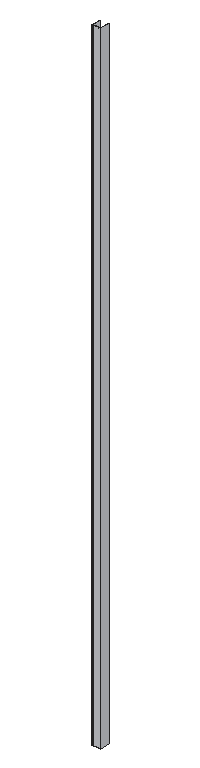
Revit family "Strut", category 柱, Revit 2018
Family settings
  OmniClass 编号 = 23.25.30.11.14.11
  OmniClass 标题 = Columns
  加载时剪切的空心 = 否
  将几何图形自动连接到墙 = 是
  共享 = 否
  在平面视图中显示族的预剪切 = 是
Parameters (values of type "1.5" x 1.5"")
  部件代码 = "B1010200"
  Depth = 2' - 0"
  Material = none
  Offset Base = 0' - 0"
  Offset Top = 0' - 0"
  Width = 2' - 0"
Reference planes (in)
  plane 1: y = 0
  plane 2: z = 0
  plane 3: x = 0
  plane 4: z = 108
  plane 5: z = 0
Forms (in)
  Extrusion 1, solid, material <- "Material"
    sketch origin (0, 0, 0) x (1, 0, 0) y (0, 1, 0)
      loop
        line (-0.75, -0.75) -> (0.75, -0.75) -> (0.75, 0.75) -> (0.6875, 0.75) -> (0.6875, -0.6875) -> (-0.6875, -0.6875) -> (-0.6875, 0.75) -> (-0.75, 0.75) -> (-0.75, -0.75)
    from 0 to 108
Dimensions and locks (in)
  "Offset Base": plane 5 to level
  "Offset Top": level to plane 4
  locked: Extrusion 1 sketch curve to Extrusion 1 sketch curve at 0.0625  (x3)
  locked: Extrusion 1 to Extrusion 1 at 1.5  (x3)
  equal spacing: Extrusion 1, plane 1, Extrusion 1
  equal spacing: Extrusion 1, plane 3, Extrusion 1
  aligned and locked: Extrusion 1 to plane 5
  aligned and locked: plane 4 to Extrusion 1
Automatic sketch dimensions
  Extrusion 1 sketch curve to plane 3 = 0' - 0 3/4"
  plane 3 to Extrusion 1 sketch curve = 0' - 0 11/16"
  plane 1 to Extrusion 1 sketch curve = 0' - 0 3/4"
  Extrusion 1 sketch curve to plane 1 = 0' - 0 3/4"  (x2)
